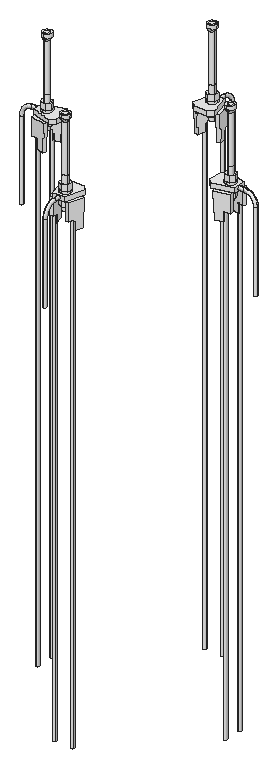
Revit family "0833275a27574a3682f8c6712fa592f7", category Structural Connections, host Face, Revit 2021
Family settings
  Host = Face
  Material for Model Behavior = Other
  Enable cutting in views = No
  Cut with Voids When Loaded = Yes
  Shared = No
Parameters (values of type "HCC 16-640H")
  l = 0' - 11.81102"
  h [instance] = Column Diameter * sin(45.00°)  # 1' - 7.48719"
  f = 0' - 4.13386"
  b [instance] = Column Diameter * sin(45.00°)  # 1' - 7.48719"
  a = 0' - 1.9685"
  X = 0' - 1.1811"
  Type Comments = "Mountingpart"
  T = 0' - 0.59055"
  Phi = 0' - 1.06299"
  L [instance] = 4' - 11.05512"
  K = 0' - 4.40945"
  H [instance] = 6' - 6.74016"
  E = 0' - 1.9685"
  Default Elevation = 0' - 0"
  D = 0' - 5.35433"
  Column Shoe Type = Column Shoe and Anchor Bolt : HCC 16-640H
  Column Shoe Material [instance] = Metal - Steel - S235
  Column Diameter [instance] = 2' - 3.55906"
  C = 0' - 3.46457"
  B [instance] = 3' - 3.37008"
Types (10): name | l | h | f | b | T | Phi | K | E | D | Column Shoe Type | Column Diameter | C | B
  HCC 16-640H | 0' - 11.81102" | 1' - 7.48719" | 0' - 4.13386" | 1' - 7.48719" | 0' - 0.59055" | 0' - 1.06299" | 0' - 4.40945" | 0' - 1.9685" | 0' - 5.35433" | Column Shoe and Anchor Bolt : HCC 16-640H | 2' - 3.55906" | 0' - 3.46457" | 3' - 3.37008"
  HCC 16-640S | 0' - 11.81102" | 1' - 7.48719" | 0' - 4.13386" | 1' - 7.48719" | 0' - 0.59055" | 0' - 1.06299" | 0' - 4.40945" | 0' - 1.9685" | 0' - 5.35433" | Column Shoe and Anchor Bolt : HCC 16-640S | 2' - 3.55906" | 0' - 3.46457" | 3' - 3.37008"
  HCC 20-830H | 1' - 5.71654" | 2' - 3.83885" | 0' - 4.52756" | 2' - 3.83885" | 0' - 0.7874" | 0' - 1.1811" | 0' - 4.6063" | 0' - 1.9685" | 0' - 5.55118" | Column Shoe and Anchor Bolt : HCC 20-830H | 3' - 3.37008" | 0' - 3.74016" | 3' - 3.37008"
  HCC 20-830S | 1' - 5.71654" | 2' - 3.83885" | 0' - 4.52756" | 2' - 3.83885" | 0' - 0.7874" | 0' - 1.1811" | 0' - 4.6063" | 0' - 1.9685" | 0' - 5.55118" | Column Shoe and Anchor Bolt : HCC 20-830S | 3' - 3.37008" | 0' - 3.74016" | 3' - 3.37008"
  HCC 24-905H | 1' - 9.65354" | 2' - 3.83885" | 0' - 5.11811" | 2' - 3.83885" | 0' - 0.98425" | 0' - 1.37795" | 0' - 4.84252" | 0' - 1.9685" | 0' - 5.90551" | Column Shoe and Anchor Bolt : HCC 24-905H | 3' - 3.37008" | 0' - 4.17323" | 3' - 3.37008"
  HCC 24-905S | 1' - 9.65354" | 2' - 3.83885" | 0' - 5.11811" | 2' - 3.83885" | 0' - 0.98425" | 0' - 1.37795" | 0' - 4.84252" | 0' - 0.7874" | 0' - 5.90551" | Column Shoe and Anchor Bolt : HCC 24-905S | 3' - 3.37008" | 0' - 4.17323" | 3' - 3.37008"
  HCC 30-1100H | 2' - 7.49606" | 2' - 3.83885" | 0' - 5.90551" | 2' - 3.83885" | 0' - 1.37795" | 0' - 1.5748" | 0' - 5.90551" | 0' - 1.9685" | 0' - 11.33858" | Column Shoe and Anchor Bolt : HCC 30-1100H | 3' - 3.37008" | 0' - 4.68504" | 3' - 3.37008"
  HCC 30-1100S | 2' - 7.49606" | 2' - 3.83885" | 0' - 5.90551" | 2' - 3.83885" | 0' - 1.37795" | 0' - 1.5748" | 0' - 5.90551" | 0' - 1.9685" | 0' - 11.33858" | Column Shoe and Anchor Bolt : HCC 30-1100S | 3' - 3.37008" | 0' - 4.68504" | 3' - 3.37008"
  HCC M30-1200H | 3' - 5.33858" | 2' - 3.83885" | 0' - 6.49606" | 2' - 3.83885" | 0' - 1.77165" | 0' - 1.77165" | 0' - 6.81102" | 0' - 1.9685" | 0' - 8.66142" | Column Shoe and Anchor Bolt : HCC M30-1200H | 3' - 3.37008" | 0' - 5.27559" | 3' - 3.37008"
  HCC M30-1200S | 3' - 5.33858" | 2' - 3.83885" | 0' - 6.49606" | 2' - 3.83885" | 0' - 1.77165" | 0' - 1.77165" | 0' - 6.81102" | 0' - 1.9685" | 0' - 8.66142" | Column Shoe and Anchor Bolt : HCC M30-1200S | 3' - 3.37008" | 0' - 5.27559" | 6' - 6.74016"
Reference planes (in)
  plane 1 "Center (Front/Back)": y = 0
  plane 2: z = 0
  plane 3 "Center (Left/Right)": x = 0
  plane 4: y = 9.7436
  plane 5: y = -9.7436
  plane 6: x = -9.7436
  plane 7: x = 9.7436
Dimensions and locks (in)
  equal spacing: plane 4, plane 1 "Center (Front/Back)", plane 5
  "h": plane 4 to plane 5
  equal spacing: plane 6, plane 3 "Center (Left/Right)", plane 7
  "b": plane 6 to plane 7
  aligned and locked: plane 2 to host face
  aligned and locked: level to host face
  aligned and locked: nested 7 to plane 3 "Center (Left/Right)"
  aligned and locked: nested 7 to plane 5
  aligned and locked: nested 3 to plane 1 "Center (Front/Back)"
  aligned and locked: plane 6 to nested 3
  aligned and locked: plane 3 "Center (Left/Right)" to nested 1
  aligned and locked: nested 1 to plane 4
  aligned and locked: plane 1 "Center (Front/Back)" to nested 5
  aligned and locked: plane 7 to nested 5
Automatic sketch dimensions
  host sketch curve to host sketch curve = 8' - 0"  (x2)
Nested families (in)
  nested 1: "Column Shoe and Anchor Bolt" at (0, 14.90108, 0) x (1, 0, 0) z (0, 0, -1), type <- "Column Shoe Type", Column Shoe Material <- "Column Shoe Material", L <- "L", type "HCC 16-640H"
    with L 4' - 11.05512", Column Shoe Material Metal - Steel - S235
  nested 2: "HAB" at (0, 11.69232, -0.59055) x (1, 0, 0) z (0, 0, -1), type "HAB H16"
    with Anchor Bolt Material Metal - Steel - S235, l2 0' - 6.88976", l 0' - 11.02362", f1 0' - 1.5748", f 0' - 4.13386", r3 0' - 0.31496", r1 0' - 0.31496", d3 0' - 0.62992", d1 0' - 0.62992", Washers Radius 0' - 0.6378", T 0' - 0.59055", Phi 0' - 1.06299", Nut Width 0' - 1.10469", Cap Radius 0' - 0.56693"
  nested 3: "Column Shoe and Anchor Bolt" at (-14.90108, 0, 0) x (0, 1, 0) z (0, 0, -1), type <- "Column Shoe Type", Column Shoe Material <- "Column Shoe Material", L <- "L", type "HCC 16-640H"
    with L 4' - 11.05512", Column Shoe Material Metal - Steel - S235
  nested 4: "HAB" at (-11.69232, 0, -0.59055) x (0, 1, 0) z (0, 0, -1), type "HAB H16"
    with Anchor Bolt Material Metal - Steel - S235, l2 0' - 6.88976", l 0' - 11.02362", f1 0' - 1.5748", f 0' - 4.13386", r3 0' - 0.31496", r1 0' - 0.31496", d3 0' - 0.62992", d1 0' - 0.62992", Washers Radius 0' - 0.6378", T 0' - 0.59055", Phi 0' - 1.06299", Nut Width 0' - 1.10469", Cap Radius 0' - 0.56693"
  nested 5: "Column Shoe and Anchor Bolt" at (14.90108, 0, 0) x (0, -1, 0) z (0, 0, -1), type <- "Column Shoe Type", Column Shoe Material <- "Column Shoe Material", L <- "L", type "HCC 16-640H"
    with L 4' - 11.05512", Column Shoe Material Metal - Steel - S235
  nested 6: "HAB" at (11.69232, 0, -0.59055) x (0, -1, 0) z (0, 0, -1), type "HAB H16"
    with Anchor Bolt Material Metal - Steel - S235, l2 0' - 6.88976", l 0' - 11.02362", f1 0' - 1.5748", f 0' - 4.13386", r3 0' - 0.31496", r1 0' - 0.31496", d3 0' - 0.62992", d1 0' - 0.62992", Washers Radius 0' - 0.6378", T 0' - 0.59055", Phi 0' - 1.06299", Nut Width 0' - 1.10469", Cap Radius 0' - 0.56693"
  nested 7: "Column Shoe and Anchor Bolt" at (0, -14.90108, 0) x (-1, 0, 0) z (0, 0, -1), type <- "Column Shoe Type", Column Shoe Material <- "Column Shoe Material", L <- "L", type "HCC 16-640H"
    with L 4' - 11.05512", Column Shoe Material Metal - Steel - S235
  nested 8: "HAB" at (0, -11.69232, -0.59055) x (-1, 0, 0) z (0, 0, -1), type "HAB H16"
    with Anchor Bolt Material Metal - Steel - S235, l2 0' - 6.88976", l 0' - 11.02362", f1 0' - 1.5748", f 0' - 4.13386", r3 0' - 0.31496", r1 0' - 0.31496", d3 0' - 0.62992", d1 0' - 0.62992", Washers Radius 0' - 0.6378", T 0' - 0.59055", Phi 0' - 1.06299", Nut Width 0' - 1.10469", Cap Radius 0' - 0.56693"
Definition of nested family "Column Shoe and Anchor Bolt"
  Parameters
    Type Comments = "Mountingpart"
    Phi = 0' - 1.06299"
    Semi Phi = 0.5 * Phi  # 0' - 0.5315"
    y2 = C * sin(45.00°)  # 0' - 2.44982"
    y1 = (E - X) * sin(45.00°)  # 0' - 0.55678"
    x3 = E * (2 * sin(45.00°) - C / d)  # 0' - 1.46153"
    x2 = 2 * E * sin(45.00°)  # 0' - 2.78388"
    x1 = 2 * X * sin(45.00°)  # 0' - 1.67033"
    t1 = 0' - 0.3937"
    f = 0' - 4.13386"
    a = 0' - 1.9685"
    X = 0' - 1.1811"
    l = 0' - 11.81102"
    k1 = d * sin(45.00°) + 0.5 * X  # 0' - 4.23744"
    d = D - R1  # 0' - 5.15748"
    T = 0' - 0.59055"
    O3 = 0' - 0.59055"
    O4 = 0' - 0.7874"
    O2 = 0' - 0.19685"
    O1 = 0' - 0.3937"
    L [instance] = 4' - 11.05512"
    Real K = R1 + k1  # 0' - 4.43429"
    e1 = (2 * E - X) * sin(45.00°)  # 0' - 1.94872"
    K = 0' - 4.40945"
    E = 0' - 1.9685"
    Default Elevation = 0' - 0"
    Semi dbr = 7 * R2  # 0' - 1.37795"
    D = 0' - 5.35433"
    Column Shoe Material [instance] = none
    C = 0' - 3.46457"
    R2 = 0' - 0.19685"
    R1 = 0' - 0.19685"
    Bolt Type = HAB : HAB H16
    B2 = B - 0' 1.1811"  # 0' - 2.16535"
    B = 0' - 3.34646"
  Reference planes (in)
    plane 1 "Center (Front/Back)": y = 0
    plane 2: z = 0
    plane 3 "Center (Left/Right)": x = 0
    plane 4: z = 0.59055
    plane 5: z = 0.29528
    plane 6: z = 11.81102
    plane 7: z = 3.93701
    plane 8: z = 2.75591
    plane 9: y = 5.15748
    plane 10: x = -1.39194
    plane 11: x = 1.39194
    plane 12: y = 4.6007
    plane 13: y = 2.15088
    plane 14: x = -0.83517
    plane 15: x = 0.83517
    plane 16: x = -0.73077
    plane 17: x = 0.73077
    plane 18: y = 3.20876
    plane 19: y = 2.93829
    plane 20: z = 62.99213
  Forms (in)
    Extrusion 1, solid
      sketch origin (0, 0, 0) x (1, 0, 0) y (0, 1, 0)
        loop
          line (-48, 48) -> (-48, -48) -> (48, -48) -> (48, 48) -> (-48, 48)
      from 0 to -12
    Sweep 2, solid, material <- "Column Shoe Material"
      path in 3D
        loop
          line (0, 0, 11.81102) -> (0, 0, 1.67323)
          arc (0, 0, 1.67323) -> (0, 0.40359, 0.69887) -> (0, 1.37795, 0.29528) r 1.37795
          line (0, 1.37795, 0.29528) -> (0, 2.81506, 0.29528)
      profile origin (0, 0.40359, 0.69887) x (0, 0.707107, 0.707107) y (1, 0, 0)
        loop
          circle (0, 0) r 0.19685
    Extrusion 3, void
      sketch origin (-0.03635, 4.65317, 0) x (1, 0, 0) y (0, 1, 0)
        loop
          circle (0.03635, -1.44441) r 0.5315
      from 0 to 3.93701
    Blend 4, solid, material <- "Column Shoe Material"
      base sketch origin (-0.18342, 0.17505, 0) x (-1, 0, 0) y (0, -1, 0)
        loop
          line (-1.47277, -4.04555) -> (-0.96547, -2.16589) -> (-1.34557, -2.0633) -> (-1.85287, -3.94297) -> (-1.47277, -4.04555)
      top sketch origin (-0.18342, 0.17505, 0) x (-1, 0, 0) y (0, -1, 0)
        loop
          line (-1.42148, -3.8555) -> (-0.96547, -2.16589) -> (-1.34557, -2.0633) -> (-1.80158, -3.75292) -> (-1.42148, -3.8555)
      from 0.59055 to 3.93701
    Extrusion 5, solid, material <- "Column Shoe Material"
      sketch origin (1.96539, -0.28862, 0) x (1, 0, 0) y (0, 1, 0)
        loop
          circle (-3.11256, 3.22691) r 0.19685
        loop
          circle (-0.81822, 3.22691) r 0.19685
      from 2.75591 to 62.99213
    Extrusion 6, void
      sketch origin (0, -1.92772, 0) x (0, -1, 0) y (0, 0, 1)
        loop
          line (-4.07861, 3.93701) -> (-4.86601, 3.93701) -> (-4.86601, 2.75591) -> (-4.07861, 2.75591) -> (-4.07861, 3.93701)
      from -1.39194 to 1.39194
    Extrusion 7, solid, material <- "Column Shoe Material"
      sketch origin (0, 0, 0) x (1, 0, 0) y (0, 1, 0)
        loop
          line (0.83517, 5.15748) -> (-0.83517, 5.15748) -> (-1.39194, 4.6007) -> (-0.73077, 2.15088) -> (0.73077, 2.15088) -> (1.39194, 4.6007) -> (0.83517, 5.15748)
        loop
          circle (0, 3.20876) r 0.5315
      from 0 to 0.59055
    Blend 8, solid, material <- "Column Shoe Material"
      base sketch origin (0.18342, 0.17505, 0) x (1, 0, 0) y (0, 1, 0)
        loop
          line (-1.47277, 4.04555) -> (-1.85287, 3.94297) -> (-1.34557, 2.0633) -> (-0.96547, 2.16589) -> (-1.47277, 4.04555)
      top sketch origin (0.18342, 0.17505, 0) x (1, 0, 0) y (0, 1, 0)
        loop
          line (-1.42148, 3.8555) -> (-1.80158, 3.75292) -> (-1.34557, 2.0633) -> (-0.96547, 2.16589) -> (-1.42148, 3.8555)
      from 0.59055 to 3.93701
  Cuts and joins
    Extrusion 3, Extrusion 6 cuts Sweep 2
    joined: Sweep 2, Extrusion 7
    Extrusion 6 cuts Blend 4
    Extrusion 6 cuts Blend 8
  Lines and regions (in)
    reference lines
      curve 1: line (0, 3.24836, 0.29528) -> (0, 1.37795, 0.29528)
      curve 2: line (0, 0, 1.67323) -> (0, 0, 11.81102)
      curve 3: arc (0, 0, 1.67323) -> (0, 0.40359, 0.69887) -> (0, 1.37795, 0.29528) r 1.37795
      curve 7: line (0.73077, 2.15088, 0) -> (1.39194, 4.6007, 0)
      curve 8: line (-0.73077, 2.15088, 0) -> (-1.39194, 4.6007, 0)
    sketch lines
      curve 4: arc (0, 0, 1.67323) -> (0, 0.40359, 0.69887) -> (0, 1.37795, 0.29528) r 1.37795
      curve 5: line (0, 2.81506, 0.29528) -> (0, 1.37795, 0.29528)
      curve 6: line (0, 0, 1.67323) -> (0, 0, 11.81102)
  Dimensions and locks (in)
    "T": plane 4 to level
    "l": plane 6 to plane 2
    equal spacing: plane 4, plane 5, plane 2
    "B": plane 7 to plane 4
    "B2": plane 4 to plane 8
    equal spacing: plane 16, plane 3 "Center (Left/Right)", plane 17
    equal spacing: plane 14, plane 3 "Center (Left/Right)", plane 15
    equal spacing: plane 10, plane 3 "Center (Left/Right)", plane 11
    "x2": plane 10 to plane 11
    "x1": plane 14 to plane 15
    "x3": plane 16 to plane 17
    "y1": plane 9 to plane 12
    "y2": plane 12 to plane 13
    "d": plane 9 to plane 1 "Center (Front/Back)"
    "e1": plane 9 to plane 18
    "t1": Blend 4 sketch curve to Blend 4 sketch curve  (x2)
    "O2": Extrusion 7 to Blend 4 sketch curve
    "O1": Blend 4 sketch curve to curve 7
    "O2": curve 7 to Blend 4 sketch curve
    "O4": plane 13 to plane 19
    equal spacing: cut or joined group of Blend 4, Extrusion 6, Extrusion 5 sketch curve, Extrusion 7
    "O3": Blend 4 sketch curve to curve 7
    "t1": Blend 8 sketch curve to Blend 8 sketch curve  (x2)
    "O1": curve 8 to Blend 8 sketch curve
    "O2": Blend 8 sketch curve to curve 8  (x2)
    "O3": curve 8 to Blend 8 sketch curve
    equal spacing: Blend 8, Extrusion 5 sketch curve, Blend 8
    "L": plane 20 to plane 7
    "Semi dbr": radius of curve 3
    "R1": radius of Sweep 2 sketch curve
    "R2": radius of Extrusion 5 sketch curve  (x2)
    "Semi Phi": radius of Extrusion 7 sketch curve
    locked: Extrusion 7 to Blend 4 sketch curve (angle 90.00°)
    aligned and locked: plane 2 to Extrusion 1
    aligned and locked: level to Extrusion 1
    aligned and locked: curve 1 to plane 5
    aligned and locked: plane 1 "Center (Front/Back)" to curve 2
    aligned and locked: plane 6 to curve 2
    aligned and locked: Extrusion 3 to Extrusion 1
    aligned and locked: Blend 4 to plane 4
    aligned and locked: plane 8 to Extrusion 5
    aligned and locked: Extrusion 6 sketch curve to Blend 4
    aligned and locked: Extrusion 3 sketch curve to Extrusion 7
    aligned and locked: plane 4 to Extrusion 7
    aligned and locked: Extrusion 7 sketch curve to plane 9
    aligned and locked: plane 3 "Center (Left/Right)" to Extrusion 7 sketch curve
    aligned and locked: plane 12 to Extrusion 7 sketch curve  (x2)
    aligned and locked: plane 18 to Extrusion 7 sketch curve
    aligned and locked: plane 15 to Extrusion 7 sketch curve
    aligned and locked: plane 9 to Extrusion 7 sketch curve
    aligned and locked: plane 13 to Extrusion 7 sketch curve
    aligned and locked: plane 17 to Extrusion 7 sketch curve
    aligned and locked: plane 14 to Extrusion 7 sketch curve
    aligned and locked: plane 10 to Extrusion 7 sketch curve
    aligned and locked: plane 16 to Extrusion 7 sketch curve
    aligned and locked: plane 12 to curve 7
    aligned and locked: plane 11 to curve 7
    aligned and locked: plane 17 to curve 7
    aligned and locked: plane 13 to curve 7
    aligned and locked: plane 12 to curve 8
    aligned and locked: plane 10 to curve 8
    aligned and locked: plane 16 to curve 8
    aligned and locked: plane 13 to curve 8
    aligned and locked: Blend 4 sketch curve to curve 7
    aligned and locked: var sketch to Blend 4 sketch curve
    aligned and locked: plane 19 to Extrusion 5 sketch curve  (x2)
    aligned and locked: var sketch to Blend 8 sketch curve
    aligned and locked: Extrusion 7 to Blend 8 sketch curve
    aligned and locked: Extrusion 6 to plane 19
    aligned and locked: Extrusion 6 to Extrusion 7
    aligned and locked: plane 7 to Extrusion 3
    aligned and locked: plane 7 to Blend 4
    aligned and locked: plane 7 to Blend 8
    aligned and locked: Blend 8 to plane 4
    aligned and locked: plane 20 to Extrusion 5
    aligned and locked: Extrusion 6 to plane 11
    aligned and locked: Extrusion 6 to plane 10
    aligned and locked: plane 3 "Center (Left/Right)" to nested 1
    aligned and locked: nested 1 to plane 18
  Automatic sketch dimensions
    Extrusion 1 sketch curve to Extrusion 1 sketch curve = 8' - 0"  (x2)
    plane 18 to curve 1 = 0' - 0.03959"
    Sweep 2 sketch curve to profile plane = 0' - 0"  (x2)
    plane 8 to Extrusion 6 sketch curve = 0' - 0"
    Extrusion 6 sketch curve to plane 13 = 0' - 0.7874"
    Extrusion 6 sketch curve to plane 1 "Center (Front/Back)" = 0' - 2.15088"
    Extrusion 7 sketch curve to plane 11 = 0' - 0"
  Nested families (in)
    nested 1: "HAB" at (0, 3.20876, 0.59055), type <- "Bolt Type", type "HAB H16"
      with Anchor Bolt Material none, l2 0' - 6.88976", l 0' - 11.02362", f1 0' - 1.5748", f 0' - 4.13386", r3 0' - 0.31496", r1 0' - 0.31496", d3 0' - 0.62992", d1 0' - 0.62992", Washers Radius 0' - 0.6378", T 0' - 0.59055", Phi 0' - 1.06299", Nut Width 0' - 1.10469", Cap Radius 0' - 0.56693"
  Definition of nested family "HAB"
    Parameters
      l2 = 0' - 9.25197"
      l = 1' - 1.77953"
      f1 = f - a - T  # 0' - 1.77165"
      f = 0' - 4.52756"
      r3 = 0.5 * d3  # 0' - 0.3937"
      r1 = 0.5 * d1  # 0' - 0.3937"
      d3 = 0' - 0.7874"
      d1 = 0' - 0.7874"
      a = 0' - 1.9685"
      Washers Thickness = 0' - 0.19685"
      Washers Radius = 0.5 * Phi * 1.2  # 0' - 0.70866"
      Type Comments = "Mountingpart"
      T = 0' - 0.7874"
      Phi = 0' - 1.1811"
      Nut Width = 2 * Washers Radius * cos(30.00°)  # 0' - 1.22744"
      Nut Thickness = 0' - 0.7874"
      Cap = yes
      Anchor Bolt Material [instance] = none
      Default Elevation = 0' - 0"
      Cap Thickness = Nut Thickness  # 0' - 0.7874"
      Cap Radius = d1 * 0.9  # 0' - 0.70866"
    Reference planes (in)
      plane 1 "Center (Front/Back)": y = 0
      plane 2: z = 0
      plane 3 "Center (Left/Right)": x = 0
      plane 4: z = 0.19685
      plane 5: z = -0.7874
      plane 6: z = -0.98425
      plane 7: z = 0.98425
      plane 8: z = -1.77165
      plane 9: y = 0.35433
      plane 10: y = -0.35433
      plane 11: y = 0.70866
      plane 12: y = -0.70866
      plane 13: z = 1.77165
      plane 14: z = -12.00787
      plane 15: z = -11.22047
      plane 16: z = -2.75591
      plane 17: z = -11.61417
      plane 18: x = -0.61372
      plane 19: x = 0.61372
    Forms (in)
      Extrusion 1, solid
        sketch origin (0, 0, 0) x (1, 0, 0) y (0, 1, 0)
          loop
            line (-48, 48) -> (-48, -48) -> (48, -48) -> (48, 48) -> (-48, 48)
        from 0 to -6.78513
      Extrusion 2, solid, material <- "Anchor Bolt Material"
        sketch origin (0, 0, 0) x (1, 0, 0) y (0, 1, 0)
          loop
            circle (0, 0) r 0.3937
        from -2.75591 to 1.77165
      Extrusion 3, solid, material <- "Anchor Bolt Material"
        sketch origin (0, 0, 0) x (1, 0, 0) y (0, 1, 0)
          loop
            circle (0, 0) r 0.70866
        from 0 to 0.19685
      Extrusion 4, solid, material <- "Anchor Bolt Material"
        sketch origin (0, 0, -14.37008) x (1, 0, 0) y (0, 1, 0)
          loop
            circle (0, 0) r 0.70866
        from 13.38583 to 13.58268
      Extrusion 5, solid, material <- "Anchor Bolt Material"
        sketch origin (0, 0, 0) x (1, 0, 0) y (0, 1, 0)
          loop
            line (0, 0.70866) -> (-0.61372, 0.35433) -> (-0.61372, -0.35433) -> (0, -0.70866) -> (0.61372, -0.35433) -> (0.61372, 0.35433) -> (0, 0.70866)
        from 0.19685 to 0.98425
      Extrusion 6, solid, material <- "Anchor Bolt Material"
        sketch origin (0, 0, -15.74803) x (1, 0, 0) y (0, 1, 0)
          loop
            line (-0.61372, 0.35433) -> (-0.61372, -0.35433) -> (0, -0.70866) -> (0.61372, -0.35433) -> (0.61372, 0.35433) -> (0, 0.70866) -> (-0.61372, 0.35433)
        from 13.97638 to 14.76378
      Extrusion 7, solid, material <- "Anchor Bolt Material"
        sketch origin (0, 0, -2.96548) x (1, 0, 0) y (0, 1, 0)
          loop
            circle (0, 0) r 0.3937
        from -9.04239 to 0.20957
      Blend 8, solid, material <- "Anchor Bolt Material", visible <- "Cap"
        base sketch origin (-1.67336, -180, -11.22047) x (-1, 0, 0) y (0, -1, 0)
          loop
            circle (-1.67336, -180) r 0.3937
        top sketch origin (-1.67336, -180, -11.22047) x (-1, 0, 0) y (0, -1, 0)
          loop
            circle (-1.67336, -180) r 0.70866
        from 0 to -0.3937
      Extrusion 9, solid, material <- "Anchor Bolt Material", visible <- "Cap"
        sketch origin (-1.41732, -180, -12.00787) x (-1, 0, 0) y (0, -1, 0)
          loop
            circle (-1.41732, -180) r 0.70866
        from 0 to 0.3937
    Cuts and joins
      joined: Extrusion 2, Extrusion 3, Extrusion 4, Extrusion 5, Extrusion 6, Extrusion 7
      joined: Blend 8, Extrusion 9
    Dimensions and locks (in)
      "T": plane 2 to plane 5
      "Washers Thickness": plane 5 to plane 6
      "Washers Thickness": plane 4 to level
      "Nut Thickness": plane 7 to plane 4
      "Nut Thickness": plane 6 to plane 8
      "Washers Radius": plane 1 "Center (Front/Back)" to plane 11
      "Washers Radius": plane 12 to plane 1 "Center (Front/Back)"
      equal spacing: plane 9, plane 1 "Center (Front/Back)", plane 10
      "Washers Radius": plane 9 to plane 10
      "l": plane 13 to plane 14
      "Cap Thickness": plane 15 to plane 14
      "l2": plane 16 to plane 14
      "f1": plane 13 to plane 2
      equal spacing: plane 15, plane 17, plane 14
      equal spacing: plane 18, plane 3 "Center (Left/Right)", plane 19
      "Nut Width": plane 18 to plane 19
      "r3": radius of Extrusion 2 sketch curve
      "Washers Radius": radius of Extrusion 3 sketch curve
      "Washers Radius": radius of Extrusion 4 sketch curve
      "r1": radius of Extrusion 7 sketch curve
      "r1": radius of Blend 8 sketch curve
      "Cap Radius": radius of Blend 8 sketch curve
      "Cap Radius": radius of Extrusion 9 sketch curve
      aligned and locked: plane 2 to Extrusion 1
      aligned and locked: level to Extrusion 1
      aligned and locked: plane 1 "Center (Front/Back)" to Extrusion 2 sketch curve
      aligned and locked: plane 3 "Center (Left/Right)" to Extrusion 2 sketch curve
      aligned and locked: plane 1 "Center (Front/Back)" to Extrusion 3 sketch curve
      aligned and locked: plane 3 "Center (Left/Right)" to Extrusion 3 sketch curve
      aligned and locked: plane 4 to Extrusion 3
      aligned and locked: Extrusion 3 to level
      aligned and locked: plane 5 to Extrusion 4
      aligned and locked: Extrusion 4 to plane 6
      aligned and locked: plane 1 "Center (Front/Back)" to Extrusion 4 sketch curve
      aligned and locked: plane 3 "Center (Left/Right)" to Extrusion 4 sketch curve
      aligned and locked: plane 7 to Extrusion 5
      aligned and locked: Extrusion 5 to plane 4
      aligned and locked: plane 11 to Extrusion 5 sketch curve
      aligned and locked: plane 3 "Center (Left/Right)" to Extrusion 5 sketch curve  (x2)
      aligned and locked: plane 12 to Extrusion 5 sketch curve
      aligned and locked: plane 10 to Extrusion 5 sketch curve  (x2)
      aligned and locked: plane 6 to Extrusion 6
      aligned and locked: Extrusion 6 to plane 8
      aligned and locked: plane 13 to Extrusion 2
      aligned: Extrusion 2 to plane 14
      aligned and locked: plane 10 to Extrusion 6 sketch curve  (x2)
      aligned and locked: Extrusion 2 to plane 16
      aligned: Extrusion 7 to plane 15
      aligned and locked: plane 1 "Center (Front/Back)" to Blend 8 sketch curve  (x2)
      aligned and locked: plane 3 "Center (Left/Right)" to Blend 8 sketch curve  (x2)
      aligned and locked: Blend 8 to plane 17
      aligned and locked: plane 15 to Blend 8
      aligned and locked: plane 1 "Center (Front/Back)" to Extrusion 9 sketch curve
      aligned and locked: plane 3 "Center (Left/Right)" to Extrusion 9 sketch curve
      aligned and locked: plane 17 to Extrusion 9
      aligned and locked: plane 18 to Extrusion 5 sketch curve
      aligned and locked: Extrusion 5 sketch curve to plane 19
      aligned and locked: plane 9 to Extrusion 5 sketch curve  (x2)
      aligned and locked: plane 19 to Extrusion 6 sketch curve
      aligned and locked: plane 18 to Extrusion 6 sketch curve
      aligned and locked: plane 9 to Extrusion 6 sketch curve  (x2)
      aligned and locked: plane 11 to Extrusion 6 sketch curve
      aligned and locked: plane 3 "Center (Left/Right)" to Extrusion 6 sketch curve  (x2)
      aligned and locked: plane 12 to Extrusion 6 sketch curve
      aligned and locked: Extrusion 7 to plane 14
      aligned and locked: plane 16 to Extrusion 7
    Automatic sketch dimensions
      Extrusion 1 sketch curve to Extrusion 1 sketch curve = 8' - 0"  (x2)
      plane 1 "Center (Front/Back)" to Extrusion 7 sketch curve = 0' - 0"
      Extrusion 7 sketch curve to plane 3 "Center (Left/Right)" = 0' - 0"
Definition of nested family "HAB"
  Parameters
    l2 = 0' - 9.25197"
    l = 1' - 1.77953"
    f1 = f - a - T  # 0' - 1.77165"
    f = 0' - 4.52756"
    r3 = 0.5 * d3  # 0' - 0.3937"
    r1 = 0.5 * d1  # 0' - 0.3937"
    d3 = 0' - 0.7874"
    d1 = 0' - 0.7874"
    a = 0' - 1.9685"
    Washers Thickness = 0' - 0.19685"
    Washers Radius = 0.5 * Phi * 1.2  # 0' - 0.70866"
    Type Comments = "Mountingpart"
    T = 0' - 0.7874"
    Phi = 0' - 1.1811"
    Nut Width = 2 * Washers Radius * cos(30.00°)  # 0' - 1.22744"
    Nut Thickness = 0' - 0.7874"
    Cap = yes
    Anchor Bolt Material [instance] = none
    Default Elevation = 0' - 0"
    Cap Thickness = Nut Thickness  # 0' - 0.7874"
    Cap Radius = d1 * 0.9  # 0' - 0.70866"
  Reference planes (in)
    plane 1 "Center (Front/Back)": y = 0
    plane 2: z = 0
    plane 3 "Center (Left/Right)": x = 0
    plane 4: z = 0.19685
    plane 5: z = -0.7874
    plane 6: z = -0.98425
    plane 7: z = 0.98425
    plane 8: z = -1.77165
    plane 9: y = 0.35433
    plane 10: y = -0.35433
    plane 11: y = 0.70866
    plane 12: y = -0.70866
    plane 13: z = 1.77165
    plane 14: z = -12.00787
    plane 15: z = -11.22047
    plane 16: z = -2.75591
    plane 17: z = -11.61417
    plane 18: x = -0.61372
    plane 19: x = 0.61372
  Forms (in)
    Extrusion 1, solid
      sketch origin (0, 0, 0) x (1, 0, 0) y (0, 1, 0)
        loop
          line (-48, 48) -> (-48, -48) -> (48, -48) -> (48, 48) -> (-48, 48)
      from 0 to -6.78513
    Extrusion 2, solid, material <- "Anchor Bolt Material"
      sketch origin (0, 0, 0) x (1, 0, 0) y (0, 1, 0)
        loop
          circle (0, 0) r 0.3937
      from -2.75591 to 1.77165
    Extrusion 3, solid, material <- "Anchor Bolt Material"
      sketch origin (0, 0, 0) x (1, 0, 0) y (0, 1, 0)
        loop
          circle (0, 0) r 0.70866
      from 0 to 0.19685
    Extrusion 4, solid, material <- "Anchor Bolt Material"
      sketch origin (0, 0, -14.37008) x (1, 0, 0) y (0, 1, 0)
        loop
          circle (0, 0) r 0.70866
      from 13.38583 to 13.58268
    Extrusion 5, solid, material <- "Anchor Bolt Material"
      sketch origin (0, 0, 0) x (1, 0, 0) y (0, 1, 0)
        loop
          line (0, 0.70866) -> (-0.61372, 0.35433) -> (-0.61372, -0.35433) -> (0, -0.70866) -> (0.61372, -0.35433) -> (0.61372, 0.35433) -> (0, 0.70866)
      from 0.19685 to 0.98425
    Extrusion 6, solid, material <- "Anchor Bolt Material"
      sketch origin (0, 0, -15.74803) x (1, 0, 0) y (0, 1, 0)
        loop
          line (-0.61372, 0.35433) -> (-0.61372, -0.35433) -> (0, -0.70866) -> (0.61372, -0.35433) -> (0.61372, 0.35433) -> (0, 0.70866) -> (-0.61372, 0.35433)
      from 13.97638 to 14.76378
    Extrusion 7, solid, material <- "Anchor Bolt Material"
      sketch origin (0, 0, -2.96548) x (1, 0, 0) y (0, 1, 0)
        loop
          circle (0, 0) r 0.3937
      from -9.04239 to 0.20957
    Blend 8, solid, material <- "Anchor Bolt Material", visible <- "Cap"
      base sketch origin (-1.67336, -180, -11.22047) x (-1, 0, 0) y (0, -1, 0)
        loop
          circle (-1.67336, -180) r 0.3937
      top sketch origin (-1.67336, -180, -11.22047) x (-1, 0, 0) y (0, -1, 0)
        loop
          circle (-1.67336, -180) r 0.70866
      from 0 to -0.3937
    Extrusion 9, solid, material <- "Anchor Bolt Material", visible <- "Cap"
      sketch origin (-1.41732, -180, -12.00787) x (-1, 0, 0) y (0, -1, 0)
        loop
          circle (-1.41732, -180) r 0.70866
      from 0 to 0.3937
  Cuts and joins
    joined: Extrusion 2, Extrusion 3, Extrusion 4, Extrusion 5, Extrusion 6, Extrusion 7
    joined: Blend 8, Extrusion 9
  Dimensions and locks (in)
    "T": plane 2 to plane 5
    "Washers Thickness": plane 5 to plane 6
    "Washers Thickness": plane 4 to level
    "Nut Thickness": plane 7 to plane 4
    "Nut Thickness": plane 6 to plane 8
    "Washers Radius": plane 1 "Center (Front/Back)" to plane 11
    "Washers Radius": plane 12 to plane 1 "Center (Front/Back)"
    equal spacing: plane 9, plane 1 "Center (Front/Back)", plane 10
    "Washers Radius": plane 9 to plane 10
    "l": plane 13 to plane 14
    "Cap Thickness": plane 15 to plane 14
    "l2": plane 16 to plane 14
    "f1": plane 13 to plane 2
    equal spacing: plane 15, plane 17, plane 14
    equal spacing: plane 18, plane 3 "Center (Left/Right)", plane 19
    "Nut Width": plane 18 to plane 19
    "r3": radius of Extrusion 2 sketch curve
    "Washers Radius": radius of Extrusion 3 sketch curve
    "Washers Radius": radius of Extrusion 4 sketch curve
    "r1": radius of Extrusion 7 sketch curve
    "r1": radius of Blend 8 sketch curve
    "Cap Radius": radius of Blend 8 sketch curve
    "Cap Radius": radius of Extrusion 9 sketch curve
    aligned and locked: plane 2 to Extrusion 1
    aligned and locked: level to Extrusion 1
    aligned and locked: plane 1 "Center (Front/Back)" to Extrusion 2 sketch curve
    aligned and locked: plane 3 "Center (Left/Right)" to Extrusion 2 sketch curve
    aligned and locked: plane 1 "Center (Front/Back)" to Extrusion 3 sketch curve
    aligned and locked: plane 3 "Center (Left/Right)" to Extrusion 3 sketch curve
    aligned and locked: plane 4 to Extrusion 3
    aligned and locked: Extrusion 3 to level
    aligned and locked: plane 5 to Extrusion 4
    aligned and locked: Extrusion 4 to plane 6
    aligned and locked: plane 1 "Center (Front/Back)" to Extrusion 4 sketch curve
    aligned and locked: plane 3 "Center (Left/Right)" to Extrusion 4 sketch curve
    aligned and locked: plane 7 to Extrusion 5
    aligned and locked: Extrusion 5 to plane 4
    aligned and locked: plane 11 to Extrusion 5 sketch curve
    aligned and locked: plane 3 "Center (Left/Right)" to Extrusion 5 sketch curve  (x2)
    aligned and locked: plane 12 to Extrusion 5 sketch curve
    aligned and locked: plane 10 to Extrusion 5 sketch curve  (x2)
    aligned and locked: plane 6 to Extrusion 6
    aligned and locked: Extrusion 6 to plane 8
    aligned and locked: plane 13 to Extrusion 2
    aligned: Extrusion 2 to plane 14
    aligned and locked: plane 10 to Extrusion 6 sketch curve  (x2)
    aligned and locked: Extrusion 2 to plane 16
    aligned: Extrusion 7 to plane 15
    aligned and locked: plane 1 "Center (Front/Back)" to Blend 8 sketch curve  (x2)
    aligned and locked: plane 3 "Center (Left/Right)" to Blend 8 sketch curve  (x2)
    aligned and locked: Blend 8 to plane 17
    aligned and locked: plane 15 to Blend 8
    aligned and locked: plane 1 "Center (Front/Back)" to Extrusion 9 sketch curve
    aligned and locked: plane 3 "Center (Left/Right)" to Extrusion 9 sketch curve
    aligned and locked: plane 17 to Extrusion 9
    aligned and locked: plane 18 to Extrusion 5 sketch curve
    aligned and locked: Extrusion 5 sketch curve to plane 19
    aligned and locked: plane 9 to Extrusion 5 sketch curve  (x2)
    aligned and locked: plane 19 to Extrusion 6 sketch curve
    aligned and locked: plane 18 to Extrusion 6 sketch curve
    aligned and locked: plane 9 to Extrusion 6 sketch curve  (x2)
    aligned and locked: plane 11 to Extrusion 6 sketch curve
    aligned and locked: plane 3 "Center (Left/Right)" to Extrusion 6 sketch curve  (x2)
    aligned and locked: plane 12 to Extrusion 6 sketch curve
    aligned and locked: Extrusion 7 to plane 14
    aligned and locked: plane 16 to Extrusion 7
  Automatic sketch dimensions
    Extrusion 1 sketch curve to Extrusion 1 sketch curve = 8' - 0"  (x2)
    plane 1 "Center (Front/Back)" to Extrusion 7 sketch curve = 0' - 0"
    Extrusion 7 sketch curve to plane 3 "Center (Left/Right)" = 0' - 0"
